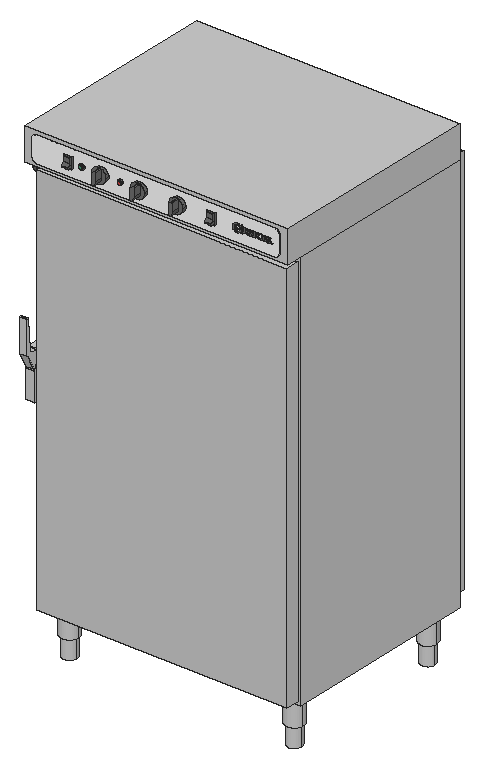
Revit family "QF_GIORIK_GR1411M_GR1411E_GR1411P", category Specialty Equipment, Revit 2014
Parameters (values of type "GR1411M")
  Weight in Pounds = 352.74
  Watts = 15900 W
  Waste Water Discharge Temperature = 0 °C
  Volts = 400 V
  URL Cutsheet = ""
  URL = "www.giorik.com"
  Programmable electronic control = no
  Plumbing Remarks [instance] = ""
  Plumbing Connection Type [instance] = ""
  Legs height [instance] = 150 mm  # constant formula
  Indirect Waste Size = 3/4"
  Indirect Waste Flow = 0.0 L/s
  Indirect Waste Connection Type [instance] = ""
  Indirect Waste Connection Height = 136 mm
  Mechanical control = yes
  Status [instance] = ""
  Specification by User [instance] = ""
  Specification by Manufacturer = ""
  Serial Number = ""
  Seismic Rating = ""
  SMACNA No = ""
  Revision Code [instance] = ""
  Phase = 3
  Number of Poles [instance] = 3
  NAFEM Spec ID Number = ""
  Model = "GR1411M"
  Min Ckt Ampacity = 0 A
  Max Overcurrent Protection = 20 A
  Masterspec = ""
  Manufacturer = "GIORIK"
  Show Logo [instance] = yes
  Show Clearance [instance] = yes
  Item Number [instance] = ""
  Installed By [instance] = ""
  Identify Quantity as Lot [instance] = no
  HP = "0"
  Furnished By [instance] = ""
  Foodservice Equipment Identifier [instance] = yes
  FL Amps = 0 A
  Electronic control = no
  Electrical Remarks [instance] = ""
  Electric Connection Type [instance] = ""
  Elec Conn RI Height [instance] = 0 mm
  Elec Conn Connection Height [instance] = 897 mm
  Description = "REGENERATING OVEN 14 GN 1/1 - MECHANICAL VERSION"
  Cycle = 50 Hz
  Conn Plug = ""
  Conn Conduit [instance] = no
  Cold Water Temperature Recommended = 0 °C
  Cold Water Size = 3/4"
  Cold Water RI Height [instance] = 0 mm
  Cold Water Minimum Pressure [instance] = 150.0 kPa
  Cold Water Maximum Pressure [instance] = 600.0 kPa
  Cold Water Flow [instance] = 0.0 L/s
  Cold Water Consumption [instance] = ""
  Cold Water Connection Height = 292 mm
  CSI MasterFormat = ""
  Assembly Code = "E1090320"
  Apparent Power = 15900 VA
Reference planes
  plane 1 "Back": y = 0
  plane 2: z = 0
  plane 3 "Left": x = 0
  plane 4 "Right": x = 820
  plane 5 "Front": y = -746
  plane 6 "Top": z = 1500
  plane 7 "Legs height": z = 150
  plane 8 "Front oven": y = -696
Forms (mm)
  Extrusion 1, solid
    sketch origin (0, 0, 0) x (1, 0, 0) y (0, 0, 1)
      loop
        line (0, 150) -> (820, 150) -> (820, 1400) -> (0, 1400) -> (0, 150)
    from 75 to 696
  Extrusion 2, solid
    sketch origin (0, -746, 0) x (-1, 0, 0) y (0, 0, 1)
      loop
        line (-818, 1390) -> (-818, 165) -> (-38, 165) -> (-38, 1390) -> (-818, 1390)
    from 0 to 40
  Extrusion 3, solid, visible <- "Show Clearance", detail levels coarse
    sketch origin (430, -505, 0) x (1, 0, 0) y (0, 1, 0)
      loop
        line (-430, -241) -> (-430, 505) -> (390, 505) -> (390, -241) -> (490, -241) -> (490, 605) -> (-530, 605) -> (-530, -241) -> (-430, -241)
    from 0 to 1500
  Extrusion 4, solid, visible <- "Show Clearance", detail levels coarse
    sketch origin (0, -21, 150) x (0, 1, 0) y (-1, 0, 0)
      loop
        line (-725, -820) -> (-725, -38)
        arc (-725, -38) -> (-1269.196, -248.189) -> (-1509, -780) r 768.537
        line (-1509, -780) -> (-1509, -820) -> (-725, -820)
    from 15 to 1240
  Extrusion 5, solid
    sketch origin (0, -746, 0) x (-1, 0, 0) y (0, 0, 1)
      loop
        arc (-25, 1475) -> (-29.393, 1485.607) -> (-40, 1490) r 15
        line (-40, 1490) -> (-780, 1490)
        arc (-780, 1490) -> (-790.607, 1485.607) -> (-795, 1475) r 15
        line (-795, 1475) -> (-795, 1425)
        arc (-795, 1425) -> (-790.607, 1414.393) -> (-780, 1410) r 15
        line (-780, 1410) -> (-40, 1410)
        arc (-40, 1410) -> (-29.393, 1414.393) -> (-25, 1425) r 15
        line (-25, 1425) -> (-25, 1475)
    from -0.5 to 2
  Extrusion 6, solid
    sketch origin (820, 165, 0) x (0, -1, 0) y (0, 0, 1)
      loop
        circle (220, 289) r 11
    from 50 to 30
  Extrusion 7, solid, visible <- "Mechanical control"
    sketch origin (0, -746, 0) x (-1, 0, 0) y (0, 0, 1)
      loop
        circle (-180, 1450) r 7.5
    from 0 to -3
  Extrusion 8, solid, visible <- "Show Logo", detail levels medium+fine
    sketch origin (576.604, -746, 203.695) x (-1, 0, 0) y (0, 0, 1)
      loop
        line (-104.547, 1253.962) -> (-115.547, 1253.962) -> (-112.754, 1251.618) -> (-112.754, 1241.306) -> (-115.547, 1238.962) -> (-104.547, 1238.962) -> (-107.34, 1241.306) -> (-107.34, 1251.618) -> (-104.547, 1253.962)
      loop
        line (-159.547, 1253.962) -> (-170.547, 1253.962) -> (-167.754, 1251.618) -> (-167.754, 1241.306) -> (-170.547, 1238.962) -> (-159.547, 1238.962) -> (-162.34, 1241.306) -> (-162.34, 1251.618) -> (-159.547, 1253.962)
      loop
        line (-172.547, 1253.962) -> (-183.547, 1253.962) -> (-180.754, 1251.618) -> (-180.754, 1246.706) -> (-187.354, 1252.244) -> (-184.9, 1253.962) -> (-193.294, 1253.962) -> (-189.303, 1252.101) -> (-186.172, 1248.97) -> (-192.777, 1241.098) -> (-195.9, 1239.962) -> (-195.9, 1238.962) -> (-184.9, 1238.962) -> (-186.151, 1240.747) -> (-182.483, 1245.625) -> (-180.754, 1244.818) -> (-180.754, 1241.306) -> (-183.547, 1238.962) -> (-172.547, 1238.962) -> (-175.34, 1241.306) -> (-175.34, 1251.618) -> (-172.547, 1253.962)
      loop
        line (-100.387, 1258.5) -> (-100.387, 1248.865)
        arc (-100.387, 1248.865) -> (-95.719, 1253.282) -> (-89.875, 1255.956) r 19.648
        arc (-89.875, 1255.956) -> (-85.547, 1255.774) -> (-82.114, 1253.131) r 7.168
        arc (-82.114, 1253.131) -> (-80.034, 1246.5) -> (-82.114, 1239.868) r 11.613
        arc (-82.114, 1239.868) -> (-84.434, 1237.581) -> (-87.423, 1236.287) r 8.864
        arc (-87.423, 1236.287) -> (-90.954, 1236.508) -> (-93.801, 1238.608) r 6.26
        line (-93.801, 1238.608) -> (-93.801, 1246.174) -> (-101.26, 1246.174) -> (-101.26, 1238.213) -> (-103.406, 1236.068) -> (-98.753, 1237.314)
        arc (-98.753, 1237.314) -> (-96.873, 1237.533) -> (-95.12, 1236.821) r 3.816
        arc (-95.12, 1236.821) -> (-86.651, 1234.034) -> (-78.183, 1236.821) r 14.26
        arc (-78.183, 1236.821) -> (-73.396, 1246.305) -> (-78.183, 1255.788) r 11.787
        arc (-78.183, 1255.788) -> (-86.838, 1258.637) -> (-95.494, 1255.788) r 14.575
        line (-95.494, 1255.788) -> (-100.387, 1258.5)
      loop
        arc (-117.299, 1251.157) -> (-125.457, 1254.293) -> (-133.615, 1251.157) r 12.178
        arc (-133.615, 1251.157) -> (-135.675, 1246.524) -> (-133.615, 1241.891) r 6.24
        arc (-133.615, 1241.891) -> (-125.457, 1238.755) -> (-117.299, 1241.891) r 12.178
        arc (-117.299, 1241.891) -> (-115.239, 1246.524) -> (-117.299, 1251.157) r 6.24
      loop
        arc (-121.457, 1249.117) -> (-125.457, 1253.117) -> (-129.457, 1249.117) r 4
        line (-129.457, 1249.117) -> (-129.457, 1243.931)
        arc (-129.457, 1243.931) -> (-125.457, 1239.931) -> (-121.457, 1243.931) r 4
        line (-121.457, 1243.931) -> (-121.457, 1249.117)
      loop
        arc (-150.534, 1253.971) -> (-154.557, 1249.947) -> (-150.534, 1245.923) r 4.024
        line (-150.534, 1245.923) -> (-154.412, 1240.423) -> (-157.545, 1238.962) -> (-149.901, 1238.962) -> (-147.062, 1245.05) -> (-143.519, 1245.05) -> (-143.519, 1241.008) -> (-146.441, 1238.962) -> (-135.402, 1238.962) -> (-137.953, 1240.881) -> (-137.953, 1251.677) -> (-135.669, 1253.971) -> (-150.534, 1253.971)
      loop
        line (-143.519, 1252.926) -> (-147.194, 1252.926)
        arc (-147.194, 1252.926) -> (-150.379, 1249.741) -> (-147.194, 1246.556) r 3.185
        line (-147.194, 1246.556) -> (-143.519, 1246.556) -> (-143.519, 1252.926)
    from 0.5 to -1.5
  Extrusion 9, solid, visible <- "Show Logo", detail levels medium+fine
    sketch origin (574.604, -746, 203.695) x (-1, 0, 0) y (0, 0, 1)
      loop
        line (-83.301, 1246.174) -> (-95.301, 1246.174) -> (-89.301, 1241.174) -> (-83.301, 1246.174)
    from 0.5 to -1.5
  Extrusion 10, solid
    sketch origin (0, -53, 0) x (1, 0, 0) y (0, 1, 0)
      loop
        circle (60, -72) r 22.25
    from 0 to 60
  Extrusion 11, solid
    sketch origin (0, -53, 0) x (1, 0, 0) y (0, 1, 0)
      loop
        circle (60, -72) r 27.5
    from 60 to 150
  Extrusion 12, solid
    sketch origin (0, -573, 0) x (1, 0, 0) y (0, 1, 0)
      loop
        circle (60, -72) r 22.25
    from 0 to 60
  Extrusion 13, solid
    sketch origin (0, -573, 0) x (1, 0, 0) y (0, 1, 0)
      loop
        circle (60, -72) r 27.5
    from 60 to 150
  Extrusion 14, solid
    sketch origin (700, -53, 0) x (1, 0, 0) y (0, 1, 0)
      loop
        circle (60, -72) r 22.25
    from 0 to 60
  Extrusion 15, solid
    sketch origin (700, -53, 0) x (1, 0, 0) y (0, 1, 0)
      loop
        circle (60, -72) r 27.5
    from 60 to 150
  Extrusion 16, solid
    sketch origin (700, -573, 0) x (1, 0, 0) y (0, 1, 0)
      loop
        circle (60, -72) r 22.25
    from 0 to 60
  Extrusion 17, solid
    sketch origin (700, -573, 0) x (1, 0, 0) y (0, 1, 0)
      loop
        circle (60, -72) r 27.5
    from 60 to 150
  Extrusion 18, solid
    sketch origin (0, 0, 0) x (1, 0, 0) y (0, 0, 1)
      loop
        line (50, 150) -> (770, 150) -> (770, 1375) -> (50, 1375) -> (50, 150)
    from 0 to 75
  Extrusion 19, solid
    sketch origin (0, 0, 0) x (1, 0, 0) y (0, 0, 1)
      loop
        line (0, 1500) -> (0, 1400) -> (820, 1400) -> (820, 1500) -> (0, 1500)
    from 75 to 746
  Extrusion 20, solid
    sketch origin (0, 0, 340) x (0, 1, 0) y (0, 0, 1)
      loop
        line (-708.5, 397) -> (-708.5, 547) -> (-735.5, 545.5) -> (-735.5, 516.5) -> (-748.5, 490) -> (-748.5, 402) -> (-708.5, 397)
    from 6 to 36
  Extrusion 21, solid
    sketch origin (0, 0, -340) x (0, 1, 0) y (0, 0, 1)
      loop
        line (-748.5, 1170) -> (-735.5, 1196.5) -> (-735.5, 1223.216) -> (-755.655, 1225.333)
        arc (-755.655, 1225.333) -> (-761.803, 1228.331) -> (-764.586, 1234.58) r 10
        line (-764.586, 1234.58) -> (-771, 1326.21) -> (-773.5, 1326.21) -> (-776, 1323.71) -> (-776, 1222.08) -> (-748.5, 1174.31) -> (-748.5, 1170)
    from 11 to 31
  Extrusion 22, solid
    sketch origin (0, 0, 340) x (0, 1, 0) y (0, 0, 1)
      loop
        line (-696, 396.3) -> (-696, 454.3) -> (-698.8, 454.3)
        arc (-698.8, 454.3) -> (-700.568, 453.568) -> (-701.3, 451.8) r 2.5
        line (-701.3, 451.8) -> (-701.3, 429.484)
        arc (-701.3, 429.484) -> (-701.917, 427.839) -> (-703.464, 427.006) r 2.5
        line (-703.464, 427.006) -> (-708.5, 426.324) -> (-708.5, 414.276) -> (-703.464, 413.593)
        arc (-703.464, 413.593) -> (-701.917, 412.761) -> (-701.3, 411.116) r 2.5
        line (-701.3, 411.116) -> (-701.3, 398.8)
        arc (-701.3, 398.8) -> (-700.568, 397.032) -> (-698.8, 396.3) r 2.5
        line (-698.8, 396.3) -> (-696, 396.3)
    from 8.5 to 33.5
  Extrusion 23, solid, visible <- "Mechanical control"
    sketch origin (0, -746, 0) x (-1, 0, 0) y (0, 0, 1)
      loop
        arc (-247.2, 1444.346) -> (-244.087, 1435.403) -> (-236.094, 1430.325) r 14.404
        arc (-236.094, 1430.325) -> (-234.423, 1430.714) -> (-232.8, 1431.269) r 17
        line (-232.8, 1431.269) -> (-232.8, 1456.046)
        arc (-232.8, 1456.046) -> (-235.913, 1464.989) -> (-243.906, 1470.067) r 14.404
        arc (-243.906, 1470.067) -> (-245.577, 1469.678) -> (-247.2, 1469.123) r 17
        line (-247.2, 1469.123) -> (-247.2, 1444.346)
    from -30 to -10
  Extrusion 24, solid, visible <- "Mechanical control"
    sketch origin (0, -746, 0) x (-1, 0, 0) y (0, 0, 1)
      loop
        circle (-240, 1450.196) r 22.5
    from 0 to -10
  Extrusion 25, solid, visible <- "Mechanical control"
    sketch origin (120, -746, 0) x (-1, 0, 0) y (0, 0, 1)
      loop
        arc (-247.2, 1444.346) -> (-244.087, 1435.403) -> (-236.094, 1430.325) r 14.404
        arc (-236.094, 1430.325) -> (-234.423, 1430.714) -> (-232.8, 1431.269) r 17
        line (-232.8, 1431.269) -> (-232.8, 1456.046)
        arc (-232.8, 1456.046) -> (-235.913, 1464.989) -> (-243.906, 1470.067) r 14.404
        arc (-243.906, 1470.067) -> (-245.577, 1469.678) -> (-247.2, 1469.123) r 17
        line (-247.2, 1469.123) -> (-247.2, 1444.346)
    from -30 to -10
  Extrusion 26, solid, visible <- "Mechanical control"
    sketch origin (120, -746, 0) x (-1, 0, 0) y (0, 0, 1)
      loop
        circle (-240, 1450.196) r 22.5
    from 0 to -10
  Extrusion 27, solid, visible <- "Mechanical control"
    sketch origin (0, -746, 0) x (-1, 0, 0) y (0, 0, 1)
      loop
        circle (-180, 1450) r 5.5
    from -3 to -6
  Extrusion 28, solid, visible <- "Mechanical control"
    sketch origin (120, -746, 0) x (-1, 0, 0) y (0, 0, 1)
      loop
        circle (-180, 1450) r 7.5
    from 0 to -3
  Extrusion 29, solid, visible <- "Mechanical control"
    sketch origin (120, -746, 0) x (-1, 0, 0) y (0, 0, 1)
      loop
        circle (-180, 1450) r 5.5
    from -3 to -6
  Extrusion 30, solid, visible <- "Mechanical control"
    sketch origin (0, -746, 0) x (-1, 0, 0) y (0, 0, 1)
      loop
        line (-125, 1432.5) -> (-125, 1467.5) -> (-150, 1467.5) -> (-150, 1432.5) -> (-125, 1432.5)
    from 0 to -3
  Extrusion 31, solid, visible <- "Mechanical control"
    sketch origin (0, 0, 0) x (0, 1, 0) y (0, 0, 1)
      loop
        line (-749, 1464.5) -> (-753, 1464.5) -> (-753, 1450) -> (-758.435, 1438.345)
        arc (-758.435, 1438.345) -> (-758.309, 1436.425) -> (-756.622, 1435.5) r 2
        line (-756.622, 1435.5) -> (-749, 1435.5) -> (-749, 1464.5)
    from 128 to 147
  Extrusion 32, solid
    sketch origin (-118.5, -959, 134) x (0, 1, 0) y (0, 0, 1)
      loop
        line (894.124, 777.794) -> (886.25, 764.156) -> (886.25, 761.844) -> (894.124, 748.206) -> (896.126, 747.05) -> (911.874, 747.05) -> (913.876, 748.206) -> (921.75, 761.844) -> (921.75, 764.156) -> (913.876, 777.794) -> (911.874, 778.95) -> (896.126, 778.95) -> (894.124, 777.794)
    from 144.771 to 152.771
  Extrusion 33, solid
    sketch origin (-118.5, -959, 134) x (0, 1, 0) y (0, 0, 1)
      loop
        line (894.124, 777.794) -> (886.25, 764.156) -> (886.25, 761.844) -> (894.124, 748.206) -> (896.126, 747.05) -> (911.874, 747.05) -> (913.876, 748.206) -> (921.75, 761.844) -> (921.75, 764.156) -> (913.876, 777.794) -> (911.874, 778.95) -> (896.126, 778.95) -> (894.124, 777.794)
    from 160.771 to 152.771
  Extrusion 34, solid
    sketch origin (-118.5, -959, 134) x (0, 1, 0) y (0, 0, 1)
      loop
        line (894.124, 777.794) -> (886.25, 764.156) -> (886.25, 761.844) -> (894.124, 748.206) -> (896.126, 747.05) -> (911.874, 747.05) -> (913.876, 748.206) -> (921.75, 761.844) -> (921.75, 764.156) -> (913.876, 777.794) -> (911.874, 778.95) -> (896.126, 778.95) -> (894.124, 777.794)
    from 168.5 to 160.771
  Revolve 35, solid
    sketch origin (16, 0, 0) x (0, 1, 0) y (0, 0, 1)
      loop
        line (-696, 1379.289) -> (-696, 1387.386) -> (-706.896, 1389.202)
        arc (-706.896, 1389.202) -> (-707.334, 1389.395) -> (-707.638, 1389.766) r 1.032
        line (-707.638, 1389.766) -> (-710.719, 1396.1)
        arc (-710.719, 1396.1) -> (-711.654, 1396.864) -> (-712.588, 1396.1) r 0.954
        arc (-712.588, 1396.1) -> (-714.837, 1387.805) -> (-716, 1379.289) r 66.68
        line (-716, 1379.289) -> (-696, 1379.289)
      axis (-696, 1379.289) -> (-716, 1379.289)
    angle from 0 to 360
  Extrusion 36, solid, visible <- "Mechanical control"
    sketch origin (240, -746, 0) x (-1, 0, 0) y (0, 0, 1)
      loop
        arc (-247.2, 1444.346) -> (-244.087, 1435.403) -> (-236.094, 1430.325) r 14.404
        arc (-236.094, 1430.325) -> (-234.423, 1430.714) -> (-232.8, 1431.269) r 17
        line (-232.8, 1431.269) -> (-232.8, 1456.046)
        arc (-232.8, 1456.046) -> (-235.913, 1464.989) -> (-243.906, 1470.067) r 14.404
        arc (-243.906, 1470.067) -> (-245.577, 1469.678) -> (-247.2, 1469.123) r 17
        line (-247.2, 1469.123) -> (-247.2, 1444.346)
    from -30 to -10
  Extrusion 37, solid, visible <- "Mechanical control"
    sketch origin (240, -746, 0) x (-1, 0, 0) y (0, 0, 1)
      loop
        circle (-240, 1450.196) r 22.5
    from 0 to -10
  Extrusion 38, solid, visible <- "Mechanical control"
    sketch origin (720, -746, 0) x (1, 0, 0) y (0, 0, -1)
      loop
        line (-125, -1432.5) -> (-150, -1432.5) -> (-150, -1467.5) -> (-125, -1467.5) -> (-125, -1432.5)
    from 0 to -3
  Extrusion 39, solid, visible <- "Mechanical control"
    sketch origin (720, 0, 0) x (0, 1, 0) y (0, 0, -1)
      loop
        line (-749, -1464.5) -> (-749, -1435.5) -> (-756.622, -1435.5)
        arc (-756.622, -1435.5) -> (-758.309, -1436.425) -> (-758.435, -1438.345) r 2
        line (-758.435, -1438.345) -> (-753, -1450) -> (-753, -1464.5) -> (-749, -1464.5)
    from 128 to 147
  Sweep 40, solid
    path origin (0, 0, 150) x (0, 1, 0) y (-1, 0, 0)
      loop
        line (-470.54, -439.955) -> (-10, -645)
    profile origin (542.477, -240.27, 150) x (-0.913545, 0.406737, 0) y (0, 0, 1)
      loop
        circle (0, -14) r 11
  Sweep 41, solid
    path origin (986.762, -201.241, 4.474) x (-0.406737, -0.913545, 0) y (0, 0, 1)
      loop
        line (468.424, 136) -> (478.424, 136)
        arc (478.424, 136) -> (485.495, 138.929) -> (488.424, 146) r 10
        line (488.424, 146) -> (488.424, 150)
    profile origin (788.103, -647.438, 152.474) x (0.406737, 0.913545, 0) y (-0.913545, 0.406737, 0)
      loop
        circle (-4.474, 390) r 11
  Sweep 42, solid
    path origin (0, 0, 150) x (0, 1, 0) y (-1, 0, 0)
      loop
        line (-478.977, -436.198) -> (-451.571, -448.4)
    profile origin (442.299, -465.274, 150) x (-0.913545, 0.406737, 0) y (0, 0, 1)
      loop
        circle (0, -14) r 14
  Sweep 43, solid
    path origin (0, 0, 0) x (0, 1, 0) y (0, 0, 1)
      loop
        line (-79.938, 1444.218) -> (-60.185, 1447.347)
    profile origin (0, -70.062, 1445.782) x (0, -0.156434, 0.987688) y (1, 0, 0)
      loop
        circle (0, 160) r 25
  Extrusion 44, solid, visible <- "Programmable electronic control"
    sketch origin (0, -746, 0) x (-1, 0, 0) y (0, 0, 1)
      loop
        line (-71, 1455.5) -> (-71, 1469.5)
        arc (-71, 1469.5) -> (-71.586, 1470.914) -> (-73, 1471.5) r 2
        line (-73, 1471.5) -> (-87, 1471.5)
        arc (-87, 1471.5) -> (-88.414, 1470.914) -> (-89, 1469.5) r 2
        line (-89, 1469.5) -> (-89, 1455.5)
        arc (-89, 1455.5) -> (-88.414, 1454.086) -> (-87, 1453.5) r 2
        line (-87, 1453.5) -> (-73, 1453.5)
        arc (-73, 1453.5) -> (-71.586, 1454.086) -> (-71, 1455.5) r 2
      loop
        arc (-71, 1437) -> (-71.586, 1438.414) -> (-73, 1439) r 2
        line (-73, 1439) -> (-87, 1439)
        arc (-87, 1439) -> (-88.414, 1438.414) -> (-89, 1437) r 2
        line (-89, 1437) -> (-89, 1423)
        arc (-89, 1423) -> (-88.414, 1421.586) -> (-87, 1421) r 2
        line (-87, 1421) -> (-73, 1421)
        arc (-73, 1421) -> (-71.586, 1421.586) -> (-71, 1423) r 2
        line (-71, 1423) -> (-71, 1437)
      loop
        line (-85.824, 1461.942) -> (-85.824, 1458.598) -> (-77.871, 1458.598) -> (-77.871, 1457.344) -> (-75.064, 1459.098) -> (-77.871, 1460.852) -> (-77.871, 1459.598) -> (-84.824, 1459.598) -> (-84.824, 1461.942) -> (-85.824, 1461.942)
      loop
        arc (-86.5, 1438) -> (-87.561, 1437.561) -> (-88, 1436.5) r 1.5
        line (-88, 1436.5) -> (-88, 1423.5)
        arc (-88, 1423.5) -> (-87.561, 1422.439) -> (-86.5, 1422) r 1.5
        line (-86.5, 1422) -> (-73.5, 1422)
        arc (-73.5, 1422) -> (-72.439, 1422.439) -> (-72, 1423.5) r 1.5
        line (-72, 1423.5) -> (-72, 1436.5)
        arc (-72, 1436.5) -> (-72.439, 1437.561) -> (-73.5, 1438) r 1.5
        line (-73.5, 1438) -> (-86.5, 1438)
      loop
        line (-79.5, 1436) -> (-80.5, 1436) -> (-80.5, 1430) -> (-79.5, 1430) -> (-79.5, 1436)
      loop
        arc (-78.987, 1435.406) -> (-80, 1424.5) -> (-81.013, 1435.406) r 5.5
        line (-81.013, 1435.406) -> (-81.013, 1434.385)
        arc (-81.013, 1434.385) -> (-80, 1425.5) -> (-78.987, 1434.385) r 4.5
        line (-78.987, 1434.385) -> (-78.987, 1435.406)
      loop
        line (-75.022, 1467) -> (-84.978, 1467) -> (-84.978, 1464.886) -> (-75.022, 1464.886) -> (-75.022, 1467)
      loop
        line (-107, 1455.5) -> (-107, 1469.5)
        arc (-107, 1469.5) -> (-107.586, 1470.914) -> (-109, 1471.5) r 2
        line (-109, 1471.5) -> (-123, 1471.5)
        arc (-123, 1471.5) -> (-124.414, 1470.914) -> (-125, 1469.5) r 2
        line (-125, 1469.5) -> (-125, 1455.5)
        arc (-125, 1455.5) -> (-124.414, 1454.086) -> (-123, 1453.5) r 2
        line (-123, 1453.5) -> (-109, 1453.5)
        arc (-109, 1453.5) -> (-107.586, 1454.086) -> (-107, 1455.5) r 2
      loop
        circle (-111.46, 1467) r 1.5
      loop
        circle (-120.54, 1458) r 1.5
      loop
        arc (-107, 1437) -> (-107.586, 1438.414) -> (-109, 1439) r 2
        line (-109, 1439) -> (-123, 1439)
        arc (-123, 1439) -> (-124.414, 1438.414) -> (-125, 1437) r 2
        line (-125, 1437) -> (-125, 1423)
        arc (-125, 1423) -> (-124.414, 1421.586) -> (-123, 1421) r 2
        line (-123, 1421) -> (-109, 1421)
        arc (-109, 1421) -> (-107.586, 1421.586) -> (-107, 1423) r 2
        line (-107, 1423) -> (-107, 1437)
      loop
        arc (-110.035, 1432.254) -> (-112.14, 1433.328) -> (-114.387, 1432.599) r 3.087
        arc (-114.387, 1432.599) -> (-116.352, 1434.804) -> (-119.278, 1435.2) r 4.257
        line (-119.278, 1435.2) -> (-121.9, 1429.311)
        arc (-121.9, 1429.311) -> (-118.973, 1428.915) -> (-117.009, 1426.711) r 4.257
        arc (-117.009, 1426.711) -> (-114.761, 1427.439) -> (-112.657, 1426.365) r 3.087
        line (-112.657, 1426.365) -> (-110.035, 1432.254)
      loop
        arc (-111.244, 1431.998) -> (-112.518, 1432.333) -> (-113.738, 1431.838) r 2.087
        line (-113.738, 1431.838) -> (-115.318, 1432.234)
        arc (-115.318, 1432.234) -> (-116.614, 1433.801) -> (-118.587, 1434.293) r 3.257
        line (-118.587, 1434.293) -> (-120.332, 1430.374)
        arc (-120.332, 1430.374) -> (-118.235, 1429.644) -> (-116.626, 1428.114) r 5.257
        arc (-116.626, 1428.114) -> (-114.817, 1428.444) -> (-113.047, 1427.949) r 4.087
        line (-113.047, 1427.949) -> (-111.244, 1431.998)
      loop
        arc (-143, 1437) -> (-143.586, 1438.414) -> (-145, 1439) r 2
        line (-145, 1439) -> (-159, 1439)
        arc (-159, 1439) -> (-160.414, 1438.414) -> (-161, 1437) r 2
        line (-161, 1437) -> (-161, 1423)
        arc (-161, 1423) -> (-160.414, 1421.586) -> (-159, 1421) r 2
        line (-159, 1421) -> (-145, 1421)
        arc (-145, 1421) -> (-143.586, 1421.586) -> (-143, 1423) r 2
        line (-143, 1423) -> (-143, 1437)
      loop
        arc (-179, 1437) -> (-179.586, 1438.414) -> (-181, 1439) r 2
        line (-181, 1439) -> (-195, 1439)
        arc (-195, 1439) -> (-196.414, 1438.414) -> (-197, 1437) r 2
        line (-197, 1437) -> (-197, 1423)
        arc (-197, 1423) -> (-196.414, 1421.586) -> (-195, 1421) r 2
        line (-195, 1421) -> (-181, 1421)
        arc (-181, 1421) -> (-179.586, 1421.586) -> (-179, 1423) r 2
        line (-179, 1423) -> (-179, 1437)
      loop
        line (-149.5, 1429.25) -> (-149.5, 1430.75) -> (-154.5, 1430.75) -> (-154.5, 1429.25) -> (-149.5, 1429.25)
      loop
        line (-185, 1429.25) -> (-185, 1430.75) -> (-187.25, 1430.75) -> (-187.25, 1432.992) -> (-188.75, 1432.992) -> (-188.75, 1430.75) -> (-191, 1430.75) -> (-191, 1429.25) -> (-188.75, 1429.25) -> (-188.75, 1427) -> (-187.25, 1427) -> (-187.25, 1429.25) -> (-185, 1429.25)
      loop
        arc (-215, 1437) -> (-215.586, 1438.414) -> (-217, 1439) r 2
        line (-217, 1439) -> (-231, 1439)
        arc (-231, 1439) -> (-232.414, 1438.414) -> (-233, 1437) r 2
        line (-233, 1437) -> (-233, 1423)
        arc (-233, 1423) -> (-232.414, 1421.586) -> (-231, 1421) r 2
        line (-231, 1421) -> (-217, 1421)
        arc (-217, 1421) -> (-215.586, 1421.586) -> (-215, 1423) r 2
        line (-215, 1423) -> (-215, 1437)
      loop
        arc (-215, 1469.5) -> (-215.586, 1470.914) -> (-217, 1471.5) r 2
        line (-217, 1471.5) -> (-231, 1471.5)
        arc (-231, 1471.5) -> (-232.414, 1470.914) -> (-233, 1469.5) r 2
        line (-233, 1469.5) -> (-233, 1455.5)
        arc (-233, 1455.5) -> (-232.414, 1454.086) -> (-231, 1453.5) r 2
        line (-231, 1453.5) -> (-217, 1453.5)
        arc (-217, 1453.5) -> (-215.586, 1454.086) -> (-215, 1455.5) r 2
        line (-215, 1455.5) -> (-215, 1469.5)
      loop
        circle (-224, 1430) r 6
      loop
        line (-221.142, 1431.959) -> (-223.931, 1430.283) -> (-227.005, 1432.956) -> (-227.557, 1432.321) -> (-224.689, 1429.828) -> (-225.876, 1429.114) -> (-225.443, 1428.393) -> (-224.021, 1429.247) -> (-223.106, 1428.451) -> (-222.554, 1429.086) -> (-223.263, 1429.703) -> (-220.708, 1431.238) -> (-221.142, 1431.959)
      loop
        line (-224, 1468.571) -> (-227.538, 1461.867)
        arc (-227.538, 1461.867) -> (-224, 1456) -> (-220.462, 1461.867) r 4
        line (-220.462, 1461.867) -> (-224, 1468.571)
      loop
        circle (-224, 1430) r 5.3
      loop
        arc (-251, 1437) -> (-251.586, 1438.414) -> (-253, 1439) r 2
        line (-253, 1439) -> (-267, 1439)
        arc (-267, 1439) -> (-268.414, 1438.414) -> (-269, 1437) r 2
        line (-269, 1437) -> (-269, 1423)
        arc (-269, 1423) -> (-268.414, 1421.586) -> (-267, 1421) r 2
        line (-267, 1421) -> (-253, 1421)
        arc (-253, 1421) -> (-251.586, 1421.586) -> (-251, 1423) r 2
        line (-251, 1423) -> (-251, 1437)
      loop
        arc (-251, 1469.5) -> (-251.586, 1470.914) -> (-253, 1471.5) r 2
        line (-253, 1471.5) -> (-267, 1471.5)
        arc (-267, 1471.5) -> (-268.414, 1470.914) -> (-269, 1469.5) r 2
        line (-269, 1469.5) -> (-269, 1455.5)
        arc (-269, 1455.5) -> (-268.414, 1454.086) -> (-267, 1453.5) r 2
        line (-267, 1453.5) -> (-253, 1453.5)
        arc (-253, 1453.5) -> (-251.586, 1454.086) -> (-251, 1455.5) r 2
        line (-251, 1455.5) -> (-251, 1469.5)
      loop
        arc (-287, 1437) -> (-287.586, 1438.414) -> (-289, 1439) r 2
        line (-289, 1439) -> (-303, 1439)
        arc (-303, 1439) -> (-304.414, 1438.414) -> (-305, 1437) r 2
        line (-305, 1437) -> (-305, 1423)
        arc (-305, 1423) -> (-304.414, 1421.586) -> (-303, 1421) r 2
        line (-303, 1421) -> (-289, 1421)
        arc (-289, 1421) -> (-287.586, 1421.586) -> (-287, 1423) r 2
        line (-287, 1423) -> (-287, 1437)
      loop
        arc (-287, 1469.5) -> (-287.586, 1470.914) -> (-289, 1471.5) r 2
        line (-289, 1471.5) -> (-303, 1471.5)
        arc (-303, 1471.5) -> (-304.414, 1470.914) -> (-305, 1469.5) r 2
        line (-305, 1469.5) -> (-305, 1455.5)
        arc (-305, 1455.5) -> (-304.414, 1454.086) -> (-303, 1453.5) r 2
        line (-303, 1453.5) -> (-289, 1453.5)
        arc (-289, 1453.5) -> (-287.586, 1454.086) -> (-287, 1455.5) r 2
        line (-287, 1455.5) -> (-287, 1469.5)
      loop
        arc (-261.2, 1460.693) -> (-260, 1456) -> (-258.8, 1460.693) r 2.5
        line (-258.8, 1460.693) -> (-258.8, 1466.5)
        arc (-258.8, 1466.5) -> (-260, 1467.7) -> (-261.2, 1466.5) r 1.2
        line (-261.2, 1466.5) -> (-261.2, 1460.693)
      loop
        line (-290.732, 1430.416) -> (-301.526, 1430.416) -> (-301.526, 1429.324) -> (-290.732, 1429.324) -> (-290.732, 1430.416)
      loop
        line (-291.659, 1434.456) -> (-300.665, 1434.456) -> (-300.665, 1431.807) -> (-291.659, 1431.807) -> (-291.659, 1434.456)
      loop
        line (-291.659, 1425.544) -> (-291.659, 1428.193) -> (-300.665, 1428.193) -> (-300.665, 1425.544) -> (-291.659, 1425.544)
      loop
        line (-289.807, 1459.232) -> (-293.938, 1463.364)
        arc (-293.938, 1463.364) -> (-295.275, 1466.228) -> (-298.297, 1467.153) r 3.889
        line (-298.297, 1467.153) -> (-300.752, 1467.153)
        arc (-300.752, 1467.153) -> (-302.253, 1465.652) -> (-300.752, 1464.151) r 1.501
        line (-300.752, 1464.151) -> (-299.094, 1464.151)
        arc (-299.094, 1464.151) -> (-297.433, 1462.545) -> (-295.157, 1462.145) r 3.942
        line (-295.157, 1462.145) -> (-291.025, 1458.014)
        arc (-291.025, 1458.014) -> (-289.807, 1458.014) -> (-289.807, 1459.232) r 0.862
      loop
        line (-258.293, 1434.504) -> (-264.651, 1434.504) -> (-264.207, 1432.845) -> (-261.896, 1432.845) -> (-260.614, 1426.251) -> (-259.114, 1426.251) -> (-254.614, 1426.251) -> (-257.653, 1432.118) -> (-259.579, 1428.644) -> (-260.396, 1432.845) -> (-257.848, 1432.845) -> (-258.293, 1434.504)
      loop
        line (-255.765, 1426.951) -> (-257.674, 1430.637) -> (-259.427, 1427.862) -> (-259.25, 1426.951) -> (-255.765, 1426.951)
      loop
        arc (-141, 1472.202) -> (-141.629, 1474.039) -> (-143.251, 1475.107) r 3
        arc (-143.251, 1475.107) -> (-170, 1478.5) -> (-196.749, 1475.107) r 107.125
        arc (-196.749, 1475.107) -> (-198.371, 1474.039) -> (-199, 1472.202) r 3
        line (-199, 1472.202) -> (-199, 1452.798)
        arc (-199, 1452.798) -> (-198.371, 1450.961) -> (-196.749, 1449.893) r 3
        arc (-196.749, 1449.893) -> (-170, 1446.5) -> (-143.251, 1449.893) r 107.125
        arc (-143.251, 1449.893) -> (-141.629, 1450.961) -> (-141, 1452.798) r 3
        line (-141, 1452.798) -> (-141, 1472.202)
      loop
        line (-150, 1455.5) -> (-150, 1469.5) -> (-190, 1469.5) -> (-190, 1455.5) -> (-150, 1455.5)
    from 0.5 to -1.5
  Extrusion 45, solid, visible <- "Programmable electronic control"
    sketch origin (505, -746, 0) x (1, 0, 0) y (0, 0, -1)
      loop
        line (-125, -1432.5) -> (-150, -1432.5) -> (-150, -1467.5) -> (-125, -1467.5) -> (-125, -1432.5)
    from 0 to -3
  Extrusion 46, solid, visible <- "Programmable electronic control"
    sketch origin (505, 0, 0) x (0, 1, 0) y (0, 0, -1)
      loop
        line (-749, -1464.5) -> (-749, -1435.5) -> (-756.622, -1435.5)
        arc (-756.622, -1435.5) -> (-758.309, -1436.425) -> (-758.435, -1438.345) r 2
        line (-758.435, -1438.345) -> (-753, -1450) -> (-753, -1464.5) -> (-749, -1464.5)
    from 128 to 147
  Extrusion 47, solid, visible <- "Programmable electronic control"
    sketch origin (-2, -746, 0) x (-1, 0, 0) y (0, 0, 1)
      loop
        circle (-72.5, 1442) r 2
      loop
        circle (-108.5, 1442) r 2
      loop
        circle (-216.5, 1442) r 2
      loop
        circle (-252.5, 1442) r 2
      loop
        circle (-288.5, 1442) r 2
      loop
        circle (-216.5, 1474.5) r 2
      loop
        circle (-252.5, 1474.5) r 2
      loop
        circle (-288.5, 1474.5) r 2
      loop
        circle (-139.5, 1474.5) r 2
      loop
        circle (-139.5, 1464.5) r 2
      loop
        line (-152, 1469.5) -> (-192, 1469.5) -> (-192, 1455.5) -> (-152, 1455.5) -> (-152, 1469.5)
      loop
        circle (-271.5, 1474.5) r 2
    from 0.5 to -1.5
  Extrusion 48, solid, visible <- "Electronic control"
    sketch origin (0, -746, 0) x (-1, 0, 0) y (0, 0, 1)
      loop
        arc (-107, 1437) -> (-107.586, 1438.414) -> (-109, 1439) r 2
        line (-109, 1439) -> (-123, 1439)
        arc (-123, 1439) -> (-124.414, 1438.414) -> (-125, 1437) r 2
        line (-125, 1437) -> (-125, 1423)
        arc (-125, 1423) -> (-124.414, 1421.586) -> (-123, 1421) r 2
        line (-123, 1421) -> (-109, 1421)
        arc (-109, 1421) -> (-107.586, 1421.586) -> (-107, 1423) r 2
        line (-107, 1423) -> (-107, 1437)
      loop
        arc (-122.5, 1438) -> (-123.561, 1437.561) -> (-124, 1436.5) r 1.5
        line (-124, 1436.5) -> (-124, 1423.5)
        arc (-124, 1423.5) -> (-123.561, 1422.439) -> (-122.5, 1422) r 1.5
        line (-122.5, 1422) -> (-109.5, 1422)
        arc (-109.5, 1422) -> (-108.439, 1422.439) -> (-108, 1423.5) r 1.5
        line (-108, 1423.5) -> (-108, 1436.5)
        arc (-108, 1436.5) -> (-108.439, 1437.561) -> (-109.5, 1438) r 1.5
        line (-109.5, 1438) -> (-122.5, 1438)
      loop
        line (-115.5, 1436) -> (-116.5, 1436) -> (-116.5, 1430) -> (-115.5, 1430) -> (-115.5, 1436)
      loop
        arc (-114.987, 1435.406) -> (-116, 1424.5) -> (-117.013, 1435.406) r 5.5
        line (-117.013, 1435.406) -> (-117.013, 1434.385)
        arc (-117.013, 1434.385) -> (-116, 1425.5) -> (-114.987, 1434.385) r 4.5
        line (-114.987, 1434.385) -> (-114.987, 1435.406)
      loop
        arc (-143, 1437) -> (-143.586, 1438.414) -> (-145, 1439) r 2
        line (-145, 1439) -> (-159, 1439)
        arc (-159, 1439) -> (-160.414, 1438.414) -> (-161, 1437) r 2
        line (-161, 1437) -> (-161, 1423)
        arc (-161, 1423) -> (-160.414, 1421.586) -> (-159, 1421) r 2
        line (-159, 1421) -> (-145, 1421)
        arc (-145, 1421) -> (-143.586, 1421.586) -> (-143, 1423) r 2
        line (-143, 1423) -> (-143, 1437)
      loop
        arc (-179, 1437) -> (-179.586, 1438.414) -> (-181, 1439) r 2
        line (-181, 1439) -> (-195, 1439)
        arc (-195, 1439) -> (-196.414, 1438.414) -> (-197, 1437) r 2
        line (-197, 1437) -> (-197, 1423)
        arc (-197, 1423) -> (-196.414, 1421.586) -> (-195, 1421) r 2
        line (-195, 1421) -> (-181, 1421)
        arc (-181, 1421) -> (-179.586, 1421.586) -> (-179, 1423) r 2
        line (-179, 1423) -> (-179, 1437)
      loop
        line (-149.5, 1429.25) -> (-149.5, 1430.75) -> (-154.5, 1430.75) -> (-154.5, 1429.25) -> (-149.5, 1429.25)
      loop
        line (-185, 1429.25) -> (-185, 1430.75) -> (-187.25, 1430.75) -> (-187.25, 1432.992) -> (-188.75, 1432.992) -> (-188.75, 1430.75) -> (-191, 1430.75) -> (-191, 1429.25) -> (-188.75, 1429.25) -> (-188.75, 1427) -> (-187.25, 1427) -> (-187.25, 1429.25) -> (-185, 1429.25)
      loop
        arc (-215, 1437) -> (-215.586, 1438.414) -> (-217, 1439) r 2
        line (-217, 1439) -> (-231, 1439)
        arc (-231, 1439) -> (-232.414, 1438.414) -> (-233, 1437) r 2
        line (-233, 1437) -> (-233, 1423)
        arc (-233, 1423) -> (-232.414, 1421.586) -> (-231, 1421) r 2
        line (-231, 1421) -> (-217, 1421)
        arc (-217, 1421) -> (-215.586, 1421.586) -> (-215, 1423) r 2
        line (-215, 1423) -> (-215, 1437)
      loop
        arc (-215, 1469.5) -> (-215.586, 1470.914) -> (-217, 1471.5) r 2
        line (-217, 1471.5) -> (-231, 1471.5)
        arc (-231, 1471.5) -> (-232.414, 1470.914) -> (-233, 1469.5) r 2
        line (-233, 1469.5) -> (-233, 1455.5)
        arc (-233, 1455.5) -> (-232.414, 1454.086) -> (-231, 1453.5) r 2
        line (-231, 1453.5) -> (-217, 1453.5)
        arc (-217, 1453.5) -> (-215.586, 1454.086) -> (-215, 1455.5) r 2
        line (-215, 1455.5) -> (-215, 1469.5)
      loop
        circle (-224, 1430) r 6
      loop
        line (-221.142, 1431.959) -> (-223.931, 1430.283) -> (-227.005, 1432.956) -> (-227.557, 1432.321) -> (-224.689, 1429.828) -> (-225.876, 1429.114) -> (-225.443, 1428.393) -> (-224.021, 1429.247) -> (-223.106, 1428.451) -> (-222.554, 1429.086) -> (-223.263, 1429.703) -> (-220.708, 1431.238) -> (-221.142, 1431.959)
      loop
        line (-224, 1468.571) -> (-227.538, 1461.867)
        arc (-227.538, 1461.867) -> (-224, 1456) -> (-220.462, 1461.867) r 4
        line (-220.462, 1461.867) -> (-224, 1468.571)
      loop
        circle (-224, 1430) r 5.3
      loop
        arc (-251, 1437) -> (-251.586, 1438.414) -> (-253, 1439) r 2
        line (-253, 1439) -> (-267, 1439)
        arc (-267, 1439) -> (-268.414, 1438.414) -> (-269, 1437) r 2
        line (-269, 1437) -> (-269, 1423)
        arc (-269, 1423) -> (-268.414, 1421.586) -> (-267, 1421) r 2
        line (-267, 1421) -> (-253, 1421)
        arc (-253, 1421) -> (-251.586, 1421.586) -> (-251, 1423) r 2
        line (-251, 1423) -> (-251, 1437)
      loop
        arc (-251, 1469.5) -> (-251.586, 1470.914) -> (-253, 1471.5) r 2
        line (-253, 1471.5) -> (-267, 1471.5)
        arc (-267, 1471.5) -> (-268.414, 1470.914) -> (-269, 1469.5) r 2
        line (-269, 1469.5) -> (-269, 1455.5)
        arc (-269, 1455.5) -> (-268.414, 1454.086) -> (-267, 1453.5) r 2
        line (-267, 1453.5) -> (-253, 1453.5)
        arc (-253, 1453.5) -> (-251.586, 1454.086) -> (-251, 1455.5) r 2
        line (-251, 1455.5) -> (-251, 1469.5)
      loop
        arc (-287, 1437) -> (-287.586, 1438.414) -> (-289, 1439) r 2
        line (-289, 1439) -> (-303, 1439)
        arc (-303, 1439) -> (-304.414, 1438.414) -> (-305, 1437) r 2
        line (-305, 1437) -> (-305, 1423)
        arc (-305, 1423) -> (-304.414, 1421.586) -> (-303, 1421) r 2
        line (-303, 1421) -> (-289, 1421)
        arc (-289, 1421) -> (-287.586, 1421.586) -> (-287, 1423) r 2
        line (-287, 1423) -> (-287, 1437)
      loop
        arc (-287, 1469.5) -> (-287.586, 1470.914) -> (-289, 1471.5) r 2
        line (-289, 1471.5) -> (-303, 1471.5)
        arc (-303, 1471.5) -> (-304.414, 1470.914) -> (-305, 1469.5) r 2
        line (-305, 1469.5) -> (-305, 1455.5)
        arc (-305, 1455.5) -> (-304.414, 1454.086) -> (-303, 1453.5) r 2
        line (-303, 1453.5) -> (-289, 1453.5)
        arc (-289, 1453.5) -> (-287.586, 1454.086) -> (-287, 1455.5) r 2
        line (-287, 1455.5) -> (-287, 1469.5)
      loop
        arc (-261.2, 1460.693) -> (-260, 1456) -> (-258.8, 1460.693) r 2.5
        line (-258.8, 1460.693) -> (-258.8, 1466.5)
        arc (-258.8, 1466.5) -> (-260, 1467.7) -> (-261.2, 1466.5) r 1.2
        line (-261.2, 1466.5) -> (-261.2, 1460.693)
      loop
        line (-290.732, 1430.416) -> (-301.526, 1430.416) -> (-301.526, 1429.324) -> (-290.732, 1429.324) -> (-290.732, 1430.416)
      loop
        line (-291.659, 1434.456) -> (-300.665, 1434.456) -> (-300.665, 1431.807) -> (-291.659, 1431.807) -> (-291.659, 1434.456)
      loop
        line (-291.659, 1425.544) -> (-291.659, 1428.193) -> (-300.665, 1428.193) -> (-300.665, 1425.544) -> (-291.659, 1425.544)
      loop
        line (-289.807, 1459.232) -> (-293.938, 1463.364)
        arc (-293.938, 1463.364) -> (-295.275, 1466.228) -> (-298.297, 1467.153) r 3.889
        line (-298.297, 1467.153) -> (-300.752, 1467.153)
        arc (-300.752, 1467.153) -> (-302.253, 1465.652) -> (-300.752, 1464.151) r 1.501
        line (-300.752, 1464.151) -> (-299.094, 1464.151)
        arc (-299.094, 1464.151) -> (-297.433, 1462.545) -> (-295.157, 1462.145) r 3.942
        line (-295.157, 1462.145) -> (-291.025, 1458.014)
        arc (-291.025, 1458.014) -> (-289.807, 1458.014) -> (-289.807, 1459.232) r 0.862
      loop
        line (-258.293, 1434.504) -> (-264.651, 1434.504) -> (-264.207, 1432.845) -> (-261.896, 1432.845) -> (-260.614, 1426.251) -> (-259.114, 1426.251) -> (-254.614, 1426.251) -> (-257.653, 1432.118) -> (-259.579, 1428.644) -> (-260.396, 1432.845) -> (-257.848, 1432.845) -> (-258.293, 1434.504)
      loop
        line (-255.765, 1426.951) -> (-257.674, 1430.637) -> (-259.427, 1427.862) -> (-259.25, 1426.951) -> (-255.765, 1426.951)
      loop
        arc (-141, 1472.202) -> (-141.629, 1474.039) -> (-143.251, 1475.107) r 3
        arc (-143.251, 1475.107) -> (-170, 1478.5) -> (-196.749, 1475.107) r 107.125
        arc (-196.749, 1475.107) -> (-198.371, 1474.039) -> (-199, 1472.202) r 3
        line (-199, 1472.202) -> (-199, 1452.798)
        arc (-199, 1452.798) -> (-198.371, 1450.961) -> (-196.749, 1449.893) r 3
        arc (-196.749, 1449.893) -> (-170, 1446.5) -> (-143.251, 1449.893) r 107.125
        arc (-143.251, 1449.893) -> (-141.629, 1450.961) -> (-141, 1452.798) r 3
        line (-141, 1452.798) -> (-141, 1472.202)
      loop
        line (-150, 1455.5) -> (-150, 1469.5) -> (-190, 1469.5) -> (-190, 1455.5) -> (-150, 1455.5)
    from 0.5 to -1.5
  Extrusion 49, solid, visible <- "Electronic control"
    sketch origin (505, -746, 0) x (1, 0, 0) y (0, 0, -1)
      loop
        line (-125, -1432.5) -> (-150, -1432.5) -> (-150, -1467.5) -> (-125, -1467.5) -> (-125, -1432.5)
    from 0 to -3
  Extrusion 50, solid, visible <- "Electronic control"
    sketch origin (505, 0, 0) x (0, 1, 0) y (0, 0, -1)
      loop
        line (-749, -1464.5) -> (-749, -1435.5) -> (-756.622, -1435.5)
        arc (-756.622, -1435.5) -> (-758.309, -1436.425) -> (-758.435, -1438.345) r 2
        line (-758.435, -1438.345) -> (-753, -1450) -> (-753, -1464.5) -> (-749, -1464.5)
    from 128 to 147
  Extrusion 51, solid, visible <- "Electronic control"
    sketch origin (-2, -746, 0) x (-1, 0, 0) y (0, 0, 1)
      loop
        circle (-108.5, 1442) r 2
      loop
        circle (-216.5, 1442) r 2
      loop
        circle (-252.5, 1442) r 2
      loop
        circle (-288.5, 1442) r 2
      loop
        circle (-216.5, 1474.5) r 2
      loop
        circle (-252.5, 1474.5) r 2
      loop
        circle (-288.5, 1474.5) r 2
      loop
        line (-152, 1469.5) -> (-192, 1469.5) -> (-192, 1455.5) -> (-152, 1455.5) -> (-152, 1469.5)
      loop
        circle (-271.5, 1474.5) r 2
    from 0.5 to -1.5
Lines and regions (mm)
  symbolic lines, style "QF_Clearances", visible <- "Show Clearance", detail levels coarse
    curve 1: line (-100, -746, 1115) -> (-100, 100, 1115)
    curve 2: line (-100, 100, 1115) -> (920, 100, 1115)
    curve 3: line (920, 100, 1115) -> (920, -746, 1115)
  symbolic lines, style "200-EquipBorder-2D"
    curve 4: line (0, -75, 0) -> (820, -75, 0)
    curve 5: line (820, -75, 0) -> (820, -746, 0)
    curve 6: line (0, -75, 0) -> (0, -746, 0)
    curve 7: line (0, -746, 0) -> (820, -746, 0)
    curve 10: line (50, -75, 150) -> (50, 0, 150)
    curve 11: line (50, 0, 150) -> (770, 0, 150)
    curve 12: line (770, 0, 150) -> (770, -75, 150)
    curve 14: line (26.271, -37.25, 150) -> (26.271, -72.75, 150)
    curve 15: line (26.271, -72.75, 150) -> (50, -72.75, 150)
    curve 16: line (26.271, -37.25, 150) -> (50, -37.25, 150)
    curve 17: line (11, -776, 150) -> (11, -746, 150)
    curve 18: line (11, -776, 150) -> (31, -776, 150)
    curve 19: line (31, -776, 150) -> (31, -746, 150)
    curve 62: line (790, -44, 150) -> (770, -44, 150)
    curve 63: line (790, -44, 150) -> (790, -66, 150)
    curve 64: line (790, -66, 150) -> (770, -66, 150)
    curve 65: line (185, -60.185, 150) -> (185, -75, 150)
    curve 66: line (135, -60.185, 150) -> (135, -75, 150)
    curve 67: spline (160, -56.274, 150) -> (157.243, -56.298, 150) -> (154.52, -56.369, 150) -> (151.864, -56.487, 150) -> (149.307, -56.65, 150) -> (146.881, -56.856, 150) -> (144.614, -57.102, 150) -> (142.535, -57.386, 150) -> (140.669, -57.705, 150) -> (139.039, -58.053, 150) -> (137.665, -58.428, 150) -> (136.562, -58.824, 150) -> (135.746, -59.236, 150)
    curve 68: spline (160, -64.096, 150) -> (164.159, -64.041, 150) -> (168.203, -63.879, 150) -> (172.018, -63.614, 150) -> (175.497, -63.253, 150) -> (178.545, -62.807, 150) -> (181.076, -62.288, 150) -> (183.019, -61.71, 150) -> (184.321, -61.09, 150) -> (184.945, -60.444, 150) -> (184.873, -59.791, 150) -> (184.108, -59.15, 150) -> (182.671, -58.536, 150)
    curve 69: spline (135.746, -59.236, 150) -> (135.109, -59.819, 150) -> (135.042, -60.41, 150) -> (135.544, -60.996, 150) -> (136.605, -61.564, 150) -> (138.201, -62.099, 150) -> (140.295, -62.592, 150) -> (142.84, -63.029, 150) -> (145.776, -63.401, 150) -> (149.037, -63.699, 150) -> (152.549, -63.918, 150) -> (156.232, -64.051, 150) -> (160, -64.096, 150)
    curve 70: spline (182.671, -58.536, 150) -> (181.574, -58.209, 150) -> (180.284, -57.899, 150) -> (178.812, -57.609, 150) -> (177.172, -57.342, 150) -> (175.378, -57.101, 150) -> (173.446, -56.888, 150) -> (171.394, -56.704, 150) -> (169.24, -56.551, 150) -> (167.004, -56.43, 150) -> (164.704, -56.344, 150) -> (162.363, -56.291, 150) -> (160, -56.274, 150)
  symbolic lines, style "QF_Door-Drawer Clearances", visible <- "Show Clearance", detail levels coarse
    curve 8: line (820, -746, 0) -> (820, -1530, 0)
    curve 9: line (820, -1530, 0) -> (780, -1530, 0)
    curve 13: arc (780, -1530, 150) -> (248.189, -1290.196, 150) -> (38, -746, 150) r 768.537
  symbolic lines, style "200-EquipBorder-2D", visible <- "Mechanical control"
    curve 20: line (125, -749, 150) -> (125, -746, 150)
    curve 21: line (150, -749, 150) -> (150, -746, 150)
    curve 22: line (150, -749, 150) -> (125, -749, 150)
    curve 23: line (128, -758.622, 150) -> (128, -749, 150)
    curve 24: line (147, -758.622, 150) -> (147, -749, 150)
    curve 25: line (128, -758.622, 150) -> (147, -758.622, 150)
    curve 26: line (172.5, -749, 150) -> (172.5, -746, 150)
    curve 27: line (187.5, -749, 150) -> (187.5, -746, 150)
    curve 28: line (172.5, -749, 150) -> (187.5, -749, 150)
    curve 29: line (174.5, -752, 150) -> (174.5, -749, 150)
    curve 30: line (174.5, -752, 150) -> (185.5, -752, 150)
    curve 31: line (185.5, -752, 150) -> (185.5, -749, 150)
    curve 32: line (262.5, -756, 150) -> (262.5, -746, 150)
    curve 33: line (217.5, -756, 150) -> (217.5, -746, 150)
    curve 34: line (217.5, -756, 150) -> (262.5, -756, 150)
    curve 35: line (232.8, -776, 150) -> (232.8, -756, 150)
    curve 36: line (232.8, -776, 150) -> (247.2, -776, 150)
    curve 37: line (247.2, -776, 150) -> (247.2, -756, 150)
    curve 38: line (382.5, -756, 150) -> (337.5, -756, 150)
    curve 39: line (337.5, -756, 150) -> (337.5, -746, 150)
    curve 40: line (352.8, -776, 150) -> (367.2, -776, 150)
    curve 41: line (367.2, -776, 150) -> (367.2, -756, 150)
    curve 42: line (352.8, -776, 150) -> (352.8, -756, 150)
    curve 43: line (382.5, -756, 150) -> (382.5, -746, 150)
    curve 44: line (502.5, -756, 150) -> (457.5, -756, 150)
    curve 45: line (457.5, -756, 150) -> (457.5, -746, 150)
    curve 46: line (502.5, -756, 150) -> (502.5, -746, 150)
    curve 47: line (472.8, -776, 150) -> (487.2, -776, 150)
    curve 48: line (487.2, -776, 150) -> (487.2, -756, 150)
    curve 49: line (472.8, -776, 150) -> (472.8, -756, 150)
    curve 50: line (307.5, -749, 150) -> (292.5, -749, 150)
    curve 51: line (292.5, -749, 150) -> (292.5, -746, 150)
    curve 52: line (307.5, -749, 150) -> (307.5, -746, 150)
    curve 53: line (294.5, -752, 150) -> (305.5, -752, 150)
    curve 54: line (305.5, -752, 150) -> (305.5, -749, 150)
    curve 55: line (294.5, -752, 150) -> (294.5, -749, 150)
    curve 56: line (595, -749, 150) -> (595, -746, 150)
    curve 57: line (570, -749, 150) -> (570, -746, 150)
    curve 58: line (570, -749, 150) -> (595, -749, 150)
    curve 59: line (573, -758.622, 150) -> (573, -749, 150)
    curve 60: line (573, -758.622, 150) -> (592, -758.622, 150)
    curve 61: line (592, -758.622, 150) -> (592, -749, 150)
Dimensions and locks
  plane 3 "Left" to plane 4 "Right" = 820 mm
  plane 5 "Front" to plane 1 "Back" = 746 mm
  plane 6 "Top" to plane 7 "Legs height" = 1350 mm
  locked: plane 8 "Front oven" to plane 5 "Front" at 50
  "Legs height": plane 7 "Legs height" to plane 2
  aligned and locked: level to plane 2
  aligned and locked: plane 6 "Top" to Extrusion 3
  aligned and locked: Extrusion 1 to plane 8 "Front oven"
  aligned and locked: plane 7 "Legs height" to Extrusion 11
  aligned and locked: plane 7 "Legs height" to Extrusion 15
  aligned and locked: plane 7 "Legs height" to Extrusion 13
  aligned and locked: plane 7 "Legs height" to Extrusion 17
  aligned and locked: Extrusion 19 to plane 5 "Front"
  aligned and locked: Extrusion 2 to Extrusion 4
Automatic sketch dimensions
  curve 4 to plane 3 "Left" = 0 mm
  curve 4 to plane 4 "Right" = 0 mm
  curve 5 to plane 5 "Front" = 0 mm
  curve 8 to plane 5 "Front" = 784 mm
  plane 1 "Back" to curve 5 = 75 mm
  plane 4 "Right" to curve 9 = 40 mm
  Extrusion 1 sketch curve to plane 3 "Left" = 0 mm
  plane 4 "Right" to Extrusion 1 sketch curve = 0 mm
  Extrusion 1 sketch curve to plane 7 "Legs height" = 0 mm
  Extrusion 1 sketch curve to plane 6 "Top" = 100 mm
  plane 4 "Right" to Extrusion 2 sketch curve = 2 mm
  plane 7 "Legs height" to Extrusion 2 sketch curve = 15 mm
  plane 3 "Left" to Extrusion 2 sketch curve = 38 mm
  Extrusion 2 sketch curve to plane 6 "Top" = 110 mm
  Extrusion 3 sketch curve to plane 5 "Front" = 0 mm  (x2)
  Extrusion 3 sketch curve to plane 3 "Left" = 0 mm
  Extrusion 3 sketch curve to plane 4 "Right" = 0 mm
  Extrusion 3 sketch curve to Extrusion 3 sketch curve = 100 mm
  Extrusion 3 sketch curve to plane 4 "Right" = 100 mm
  plane 1 "Back" to Extrusion 3 sketch curve = 0 mm
  Extrusion 3 sketch curve to plane 1 "Back" = 100 mm
  Extrusion 4 sketch curve to plane 4 "Right" = 0 mm
  Extrusion 4 sketch curve to plane 5 "Front" = 0 mm
  Extrusion 4 sketch curve to plane 5 "Front" = 15.916 mm
  Extrusion 4 sketch curve to Extrusion 4 sketch curve = 768.084 mm
  plane 4 "Right" to Extrusion 4 sketch curve = 13.628 mm
  plane 4 "Right" to Extrusion 4 sketch curve = 40 mm
  plane 4 "Right" to Extrusion 5 sketch curve = 25 mm
  Extrusion 5 sketch curve to Extrusion 5 sketch curve = 15 mm  (x3)
  Extrusion 5 sketch curve to plane 6 "Top" = 10 mm
  plane 3 "Left" to Extrusion 5 sketch curve = 40 mm  (x2)
  Extrusion 5 sketch curve to Extrusion 5 sketch curve = 50 mm
  curve 3 to plane 5 "Front" = 0 mm
  curve 1 to plane 5 "Front" = 0 mm
  curve 3 to plane 4 "Right" = 100 mm
  curve 2 to plane 3 "Left" = 100 mm
  curve 3 to plane 1 "Back" = 100 mm
  plane 1 "Back" to Extrusion 6 sketch curve = 55 mm
  plane 7 "Legs height" to Extrusion 6 sketch curve = 139 mm
  Extrusion 7 sketch curve to plane 6 "Top" = 50 mm
  plane 3 "Left" to Extrusion 7 sketch curve = 180 mm
  curve 17 to plane 5 "Front" = 0 mm
  curve 46 to plane 5 "Front" = 0 mm
  curve 19 to plane 5 "Front" = 0 mm
  curve 13 to plane 5 "Front" = 0 mm
  curve 45 to plane 5 "Front" = 0 mm
  curve 20 to plane 5 "Front" = 0 mm
  curve 43 to plane 5 "Front" = 0 mm
  curve 21 to plane 5 "Front" = 0 mm
  curve 51 to plane 5 "Front" = 0 mm
  curve 39 to plane 5 "Front" = 0 mm
  curve 52 to plane 5 "Front" = 0 mm
  curve 26 to plane 5 "Front" = 0 mm
  curve 56 to plane 5 "Front" = 0 mm
  curve 27 to plane 5 "Front" = 0 mm
  curve 33 to plane 5 "Front" = 0 mm
  curve 32 to plane 5 "Front" = 0 mm
  curve 57 to plane 5 "Front" = 0 mm
  plane 1 "Back" to curve 11 = 0 mm
  curve 58 to plane 5 "Front" = 3 mm
  curve 50 to plane 5 "Front" = 3 mm
  curve 21 to plane 5 "Front" = 3 mm
  curve 26 to plane 5 "Front" = 3 mm
  curve 31 to curve 31 = 3 mm
  curve 53 to curve 55 = 3 mm
  curve 32 to plane 5 "Front" = 10 mm
  curve 38 to plane 5 "Front" = 10 mm
  curve 46 to plane 5 "Front" = 10 mm
  curve 61 to curve 61 = 9.622 mm
  curve 23 to curve 23 = 9.622 mm
  curve 13 to plane 5 "Front" = 15.916 mm
  curve 47 to curve 49 = 20 mm
  curve 42 to curve 42 = 20 mm
  curve 36 to curve 35 = 20 mm
  plane 3 "Left" to curve 18 = 11 mm
  curve 18 to plane 5 "Front" = 30 mm
  plane 3 "Left" to curve 15 = 26.271 mm
  plane 1 "Back" to curve 15 = 72.75 mm
  plane 4 "Right" to curve 64 = 30 mm
  plane 1 "Back" to curve 64 = 66 mm
  curve 63 to curve 63 = 22 mm
  curve 14 to curve 16 = 35.5 mm
  plane 4 "Right" to curve 13 = 13.628 mm
  curve 62 to curve 11 = 20 mm
  curve 13 to curve 56 = 211.372 mm
  curve 56 to curve 61 = 3 mm
  curve 60 to curve 60 = 19 mm
  curve 59 to curve 57 = 3 mm
  curve 57 to curve 44 = 67.5 mm
  curve 44 to curve 48 = 15.3 mm
  curve 47 to curve 47 = 14.4 mm
  curve 49 to curve 45 = 15.3 mm
  curve 44 to curve 43 = 75 mm
  curve 38 to curve 41 = 15.3 mm
  curve 40 to curve 40 = 14.4 mm
  curve 42 to curve 38 = 15.3 mm
  curve 39 to curve 50 = 30 mm
  curve 50 to curve 53 = 2 mm
  curve 53 to curve 55 = 11 mm
  curve 55 to curve 51 = 2 mm
  curve 50 to curve 34 = 30 mm
  curve 32 to curve 37 = 15.3 mm
  curve 36 to curve 36 = 14.4 mm
  curve 35 to curve 33 = 15.3 mm
  curve 33 to curve 28 = 30 mm
  curve 27 to curve 30 = 2 mm
  curve 30 to curve 30 = 11 mm
  curve 29 to curve 28 = 2 mm
  curve 26 to curve 21 = 22.5 mm
  curve 21 to curve 24 = 3 mm
  curve 24 to curve 25 = 19 mm
  curve 23 to curve 22 = 3 mm
  curve 10 to curve 14 = 23.729 mm
  curve 19 to curve 17 = 20 mm
  plane 4 "Right" to curve 13 = 40 mm
  curve 13 to curve 13 = 768.084 mm
  plane 1 "Back" to curve 65 = 75 mm
  curve 66 to curve 65 = 0 mm
  curve 12 to curve 64 = 9 mm
  curve 10 to curve 15 = 2.25 mm
  curve 65 to curve 68 = 10.904 mm
  curve 68 to curve 68 = 3.911 mm
  curve 67 to curve 68 = 0 mm
  curve 69 to curve 68 = 0 mm
  curve 70 to curve 68 = 0 mm  (x2)
  curve 65 to curve 65 = 14.815 mm
  curve 66 to curve 67 = 0 mm
  curve 66 to curve 69 = 0.948 mm
  curve 65 to curve 68 = 1.648 mm
  curve 67 to curve 67 = 3.911 mm
  curve 65 to curve 10 = 135 mm
  curve 65 to curve 68 = 2.329 mm
  curve 67 to curve 68 = 0.746 mm
  plane 4 "Right" to Extrusion 8 sketch curve = 47.495 mm
  Extrusion 8 sketch curve to Extrusion 8 sketch curve = 2.606 mm
  Extrusion 8 sketch curve to Extrusion 8 sketch curve = 3.123 mm
  Extrusion 8 sketch curve to Extrusion 8 sketch curve = 3.991 mm
  Extrusion 8 sketch curve to Extrusion 8 sketch curve = 1.949 mm
  Extrusion 8 sketch curve to Extrusion 8 sketch curve = 1.182 mm
  Extrusion 8 sketch curve to Extrusion 8 sketch curve = 6.627 mm
  Extrusion 8 sketch curve to Extrusion 8 sketch curve = 1.25 mm
  Extrusion 8 sketch curve to Extrusion 8 sketch curve = 2.454 mm
  Extrusion 8 sketch curve to Extrusion 8 sketch curve = 1.353 mm  (x2)
  Extrusion 8 sketch curve to Extrusion 8 sketch curve = 3.69 mm
  Extrusion 8 sketch curve to Extrusion 8 sketch curve = 2.793 mm  (x10)
  Extrusion 8 sketch curve to Extrusion 8 sketch curve = 5.413 mm  (x3)
  Extrusion 8 sketch curve to Extrusion 8 sketch curve = 2 mm  (x2)
  Extrusion 8 sketch curve to Extrusion 8 sketch curve = 2.002 mm
  Extrusion 8 sketch curve to Extrusion 8 sketch curve = 3.133 mm
  Extrusion 8 sketch curve to Extrusion 8 sketch curve = 9.013 mm
  Extrusion 8 sketch curve to Extrusion 8 sketch curve = 4.511 mm
  Extrusion 8 sketch curve to Extrusion 8 sketch curve = 3.34 mm
  Extrusion 8 sketch curve to Extrusion 8 sketch curve = 0.132 mm
  Extrusion 8 sketch curve to Extrusion 8 sketch curve = 3.46 mm
  Extrusion 8 sketch curve to Extrusion 8 sketch curve = 3.675 mm
  Extrusion 8 sketch curve to Extrusion 8 sketch curve = 0 mm  (x17)
  Extrusion 8 sketch curve to Extrusion 8 sketch curve = 5.566 mm
  Extrusion 8 sketch curve to plane 6 "Top" = 42.334 mm
  Extrusion 8 sketch curve to Extrusion 8 sketch curve = 2.285 mm
  Extrusion 8 sketch curve to Extrusion 8 sketch curve = 2.551 mm
  Extrusion 8 sketch curve to Extrusion 8 sketch curve = 5.945 mm
  Extrusion 8 sketch curve to Extrusion 8 sketch curve = 0.022 mm  (x2)
  Extrusion 8 sketch curve to Extrusion 8 sketch curve = 4 mm
  Extrusion 8 sketch curve to plane 6 "Top" = 42.343 mm
  Extrusion 8 sketch curve to Extrusion 8 sketch curve = 5.91 mm  (x2)
  Extrusion 8 sketch curve to plane 6 "Top" = 54.999 mm
  Extrusion 8 sketch curve to plane 6 "Top" = 44.687 mm
  Extrusion 8 sketch curve to plane 6 "Top" = 60.237 mm
  Extrusion 8 sketch curve to Extrusion 8 sketch curve = 1.141 mm
  Extrusion 8 sketch curve to Extrusion 8 sketch curve = 6.081 mm
  Extrusion 8 sketch curve to plane 6 "Top" = 37.804 mm
  Extrusion 8 sketch curve to Extrusion 8 sketch curve = 4.16 mm
  Extrusion 8 sketch curve to plane 6 "Top" = 58.99 mm
